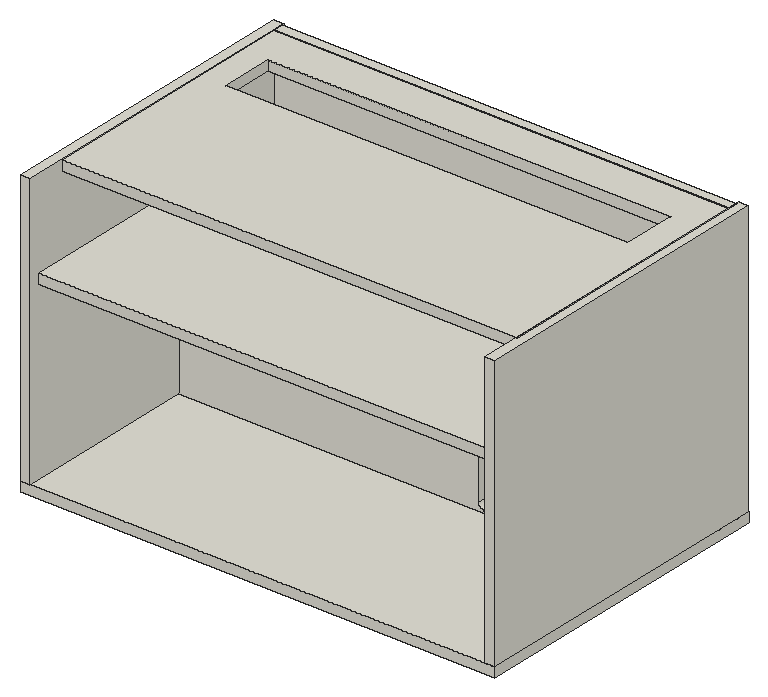
Revit family "Haworth_BeHold_Modular_AttachedStorageForHAT", category Furniture Systems, Revit 2018
Family settings
  Round Connector Dimension = Use Diameter
  Part Type = Normal
  OmniClass Number = 23.40.70.14.64.21
  OmniClass Title = Systems Furniture
  Work Plane-Based = No
  Always vertical = Yes
  Cut with Voids When Loaded = No
  Shared = No
  Room Calculation Point = No
Parameters (values of type "Inset Back - 24d 36w")
  Width = 36"
  Warranty = "http://www.haworth.com/resources/product-info/warranties"
  Void Dimension = 4"  # constant formula
  Void Back Offset = 3 15/16"  # constant formula
  URL - Product = "http://www.haworth.com/na/en/products/active-storage/be-hold.html"
  URL = "www.haworth.com"
  Trim Finish = Haworth _ Paint _ Sky Blue
  Top Thickness = 3/4"  # constant formula
  Top Case Front Control = 3"  # constant formula
  Top Case Back Control = if(Proud Style, 0", 3/16")  # 3/16"
  Sustainability Info = "https://www.haworth.com/company-info/sustainability"
  Standard Widths = "30, 36 in."  # constant formula
  Size = "Verify Final Dim. w/ Haworth"  # constant formula
  Side Case Back Control = if(Proud Style, Case Thickness, 0")  # 0"
  Shelf Finish = Haworth _ Paint _ Sky Blue
  Shelf Control = Actual Depth = 24"  # yes
  Shelf 1 Offset = 13 5/16"  # constant formula
  Shelf = no
  Separator Back Offset = 9 3/16"  # constant formula
  Revision Number = "1"  # constant formula
  Proud Style = not(Inset Style)  # no
  Model = "Haworth Be_Hold"  # constant formula
  Min. Width = 30"  # constant formula
  Min. Height = 22"  # constant formula
  Min. Depth = 16"  # constant formula
  Max. Width = 36"  # constant formula
  Max. Depth = 24"  # constant formula
  Max. Height = 22"  # constant formula
  Manufacturer = "Haworth"  # constant formula
  Inset Style = yes
  Glide Finish = Haworth _ Polymer _ Slate
  Description = "Haworth - Be_Hold - Attached Storage For HAT"  # constant formula
  Depth = 24"
  Cutout Dimension = if(Actual Cutout, 2" + Separator Back Offset, 1/2")  # 11 3/16"
  Cutout = yes
  Custom Size = not(and(or(Depth = 24", Depth = 16"), or(Width = 30", Width = 36")))  # no
  Case Thickness = 3/4"  # constant formula
  Case Finish [instance] = Haworth _ Laminate _ Beige H-34
  Case Edge Finish [instance] = Haworth _ Laminate _ Beige H-34
  Bottom Case Offset = 1/2"  # constant formula
  Bag Liner = no
  Back Case Side Control = if(Proud Style, 0", Case Thickness)  # 3/4"
  Back Case Back Control = if(Proud Style, 0", 3/16")  # 3/16"
  Author = "Haworth (Alias)"  # constant formula
  Assembly Code = "E2020200"
  Actual Width = if(Width > Max. Width, Max. Width, if(Width < Min. Width, Min. Width, Width))  # 36"
  Actual Steel Shelf = and(Shelf, Actual Depth = 16")  # no
  Actual Height = 22"  # constant formula
  Actual Depth = if(Depth > Max. Depth, Max. Depth, if(Depth < Min. Depth, Min. Depth, Depth))  # 24"
  Standard Depths = "16, 24 in."  # constant formula
  Actual Cutout = and(Cutout, Inset Style)  # yes
  Actual Bag Liner = and(Bag Liner, Actual Depth = 16")  # no
Types (4): name | Width | Top Case Back Control | Side Case Back Control | Shelf Control | Shelf | Proud Style | Inset Style | Depth | Cutout Dimension | Cutout | Bag Liner | Back Case Side Control | Back Case Back Control | Actual Width | Actual Steel Shelf | Actual Depth | Actual Cutout | Actual Bag Liner
  Inset Back - 24d 36w | 36" | 3/16" | 0" | yes | no | no | yes | 24" | 11 3/16" | yes | no | 3/4" | 3/16" | 36" | no | 24" | yes | no
  Inset Back - 24d 30w | 30" | 3/16" | 0" | yes | no | no | yes | 24" | 11 3/16" | yes | no | 3/4" | 3/16" | 30" | no | 24" | yes | no
  Proud Back - 16d 36w | 36" | 0" | 3/4" | no | yes | yes | no | 16" | 1/2" | no | yes | 0" | 0" | 36" | yes | 16" | no | yes
  Proud Back - 16d 30w | 30" | 0" | 3/4" | no | yes | yes | no | 16" | 1/2" | no | yes | 0" | 0" | 30" | yes | 16" | no | yes
Reference planes (in)
  plane 1: z = 0
  plane 2 "Center L/R": x = -6.17556
  plane 3 "Center F/B": y = -11.5
  plane 4 "Top": z = 22
  plane 5 "Back": y = 0.5
  plane 6 "Front": y = -23.5
  plane 7 "Right": x = 11.82444
  plane 8 "Left": x = -24.17556
  plane 9 "Case Inside Left": x = -23.42556
  plane 10 "Case Inside Right": x = 11.07444
  plane 11 "Case Inside Back": y = -0.25
  plane 12 "Case Bottom": z = 0.5
  plane 13 "Case Inside Front": y = -22.75
  plane 14 "Inside Case Bottom": z = 1.25
  plane 15 "Inside Case Top": z = 21.25
  plane 16 "Shelf 1 Below": z = 14.5625
  plane 17 "Shelf 1 Top": z = 15.3125
  plane 18 "Door Start": z = 1.41406
  plane 19 "Separator": y = -9.4375
  plane 20 "Separator Inside": y = -8.6875
  plane 21 "Back Opening": y = -3.4375
  plane 22 "Front Opening": y = -7.4375
  plane 23 "Cutout Back": y = 1.5
Forms (in)
  Sweep 1, solid, material "Haworth _ Polymer _ Slate" <- "Glide Finish"
    path origin (-23.42556, 0, 0) x (0, 1, 0) y (0, 0, 1)
      loop
        line (-22.75, 0.5) -> (-22.75, 0)
    profile origin (-23.42556, -22.75, 0.25) x (1, 0, 0) y (0, 1, 0)
      loop
        line (0, 2.00197) -> (0, 0.25)
        arc (0, 0.25) -> (0.07322, 0.07322) -> (0.25, 0) r 0.25
        line (0.25, 0) -> (2.00197, 0)
        arc (2.00197, 0) -> (2.17875, 0.07322) -> (2.25197, 0.25) r 0.25
        line (2.25197, 0.25) -> (2.25197, 0.70079) -> (0.70079, 2.25197) -> (0.25, 2.25197)
        arc (0.25, 2.25197) -> (0.07322, 2.17875) -> (0, 2.00197) r 0.25
  Sweep 2, solid, material "Haworth _ Polymer _ Slate" <- "Glide Finish"
    path origin (-23.42556, -23, 0) x (0, -1, 0) y (0, 0, 1)
      loop
        line (-22.75, 0.5) -> (-22.75, 0)
    profile origin (-23.42556, -0.25, 0.25) x (1, 0, 0) y (0, 1, 0)
      loop
        arc (0, -2.00197) -> (0.07322, -2.17875) -> (0.25, -2.25197) r 0.25
        line (0.25, -2.25197) -> (0.70079, -2.25197) -> (2.25197, -0.70079) -> (2.25197, -0.25)
        arc (2.25197, -0.25) -> (2.17875, -0.07322) -> (2.00197, 0) r 0.25
        line (2.00197, 0) -> (0.25, 0)
        arc (0.25, 0) -> (0.07322, -0.07322) -> (0, -0.25) r 0.25
        line (0, -0.25) -> (0, -2.00197)
  Sweep 3, solid, material "Haworth _ Polymer _ Slate" <- "Glide Finish"
    path origin (11.07444, 0, 0) x (0, -1, 0) y (0, 0, 1)
      loop
        line (22.75, 0.5) -> (22.75, 0)
    profile origin (11.07444, -22.75, 0.25) x (-1, 0, 0) y (0, -1, 0)
      loop
        arc (0, -2.00197) -> (0.07322, -2.17875) -> (0.25, -2.25197) r 0.25
        line (0.25, -2.25197) -> (0.70079, -2.25197) -> (2.25197, -0.70079) -> (2.25197, -0.25)
        arc (2.25197, -0.25) -> (2.17875, -0.07322) -> (2.00197, 0) r 0.25
        line (2.00197, 0) -> (0.25, 0)
        arc (0.25, 0) -> (0.07322, -0.07322) -> (0, -0.25) r 0.25
        line (0, -0.25) -> (0, -2.00197)
  Sweep 4, solid, material "Haworth _ Polymer _ Slate" <- "Glide Finish"
    path origin (11.07444, 0, 0) x (0, -1, 0) y (0, 0, 1)
      loop
        line (0.25, 0.5) -> (0.25, 0)
    profile origin (11.07444, -0.25, 0.25) x (-1, 0, 0) y (0, -1, 0)
      loop
        line (0, 2.00197) -> (0, 0.25)
        arc (0, 0.25) -> (0.07322, 0.07322) -> (0.25, 0) r 0.25
        line (0.25, 0) -> (2.00197, 0)
        arc (2.00197, 0) -> (2.17875, 0.07322) -> (2.25197, 0.25) r 0.25
        line (2.25197, 0.25) -> (2.25197, 0.70079) -> (0.70079, 2.25197) -> (0.25, 2.25197)
        arc (0.25, 2.25197) -> (0.07322, 2.17875) -> (0, 2.00197) r 0.25
  Extrusion 5, solid, material "Haworth _ Laminate _ Beige H-34" <- "Case Finish"
    sketch origin (0, 0, 0) x (1, 0, 0) y (0, 1, 0)
      loop
        line (-24.17556, 0.5) -> (-24.17556, -23.5) -> (11.82444, -23.5) -> (11.82444, 0.5) -> (-24.17556, 0.5)
    from 0.5 to 1.25
  Sweep 6, solid, material "Haworth _ Laminate _ Beige H-34" <- "Case Finish"
    path origin (0, 0, 0.5) x (0, -1, 0) y (1, 0, 0)
      loop
        line (23.5, -24.17556) -> (23.5, -23.42556)
    profile origin (-23.80056, -23.5, 0.5) x (0, 1, 0) y (0, 0, 1)
      loop
        line (0, 21.5) -> (0, 0.75) -> (24, 0.75) -> (24, 21.5) -> (0, 21.5)
  Sweep 7, solid, material "Haworth _ Laminate _ Beige H-34" <- "Case Finish"
    path origin (-12.35111, 0, 0.5) x (0, -1, 0) y (-1, 0, 0)
      loop
        line (23.5, -24.17556) -> (23.5, -23.42556)
    profile origin (11.44944, -23.5, 0.5) x (0, -1, 0) y (0, 0, 1)
      loop
        line (0, 21.5) -> (-24, 21.5) -> (-24, 0.75) -> (0, 0.75) -> (0, 21.5)
  Sweep 8, solid, material "Haworth _ Laminate _ Beige H-34" <- "Case Finish"
    path origin (0, 0, 0.5) x (0, -1, 0) y (1, 0, 0)
      loop
        line (0.4375, -6.17556) -> (-0.3125, -6.17556)
    profile origin (-6.17556, -0.0625, 0.5) x (-1, 0, 0) y (0, 0, 1)
      loop
        line (-17.25, 0.75) -> (17.25, 0.75) -> (17.25, 21.5) -> (-17.25, 21.5) -> (-17.25, 0.75)
  Extrusion 9, solid, material "Haworth _ Laminate _ Beige H-34" <- "Case Finish", visible <- "Shelf Control"
    sketch origin (0, 0, 0.5) x (0, -1, 0) y (1, 0, 0)
      loop
        line (9.4375, -23.42556) -> (22.75, -23.42556) -> (22.75, 11.07444) -> (9.4375, 11.07444) -> (9.4375, -23.42556)
    from 14.0625 to 14.8125
  Extrusion 10, solid, material "Haworth _ Laminate _ Beige H-34" <- "Case Finish"
    sketch origin (0, 0, 0.5) x (0, -1, 0) y (1, 0, 0)
      loop
        line (0.4375, -23.42556) -> (20.5, -23.42556) -> (20.5, 11.07444) -> (0.4375, 11.07444) -> (0.4375, -23.42556)
    from 20.75 to 21.5
  Extrusion 11, solid, material "Haworth _ Laminate _ Beige H-34" <- "Case Finish"
    sketch origin (0, 0.5, 0) x (-1, 0, 0) y (0, 0, 1)
      loop
        line (23.42556, 1.25) -> (23.42556, 20.375) -> (-11.07444, 20.375) -> (-11.07444, 1.25) -> (23.42556, 1.25)
    from -9.9375 to -9.1875
  Extrusion 12, void
    sketch origin (0, 0, 21.25) x (0, -1, 0) y (1, 0, 0)
      loop
        line (3.4375, -21.42556) -> (7.4375, -21.42556) -> (7.4375, 9.07444) -> (3.4375, 9.07444) -> (3.4375, -21.42556)
    from 0 to 0.75
  Extrusion 13, void
    sketch origin (0, 0, 21.25) x (0, -1, 0) y (1, 0, 0)
      loop
        line (3.4375, -23.42556) -> (7.4375, -23.42556) -> (7.4375, 11.07444) -> (3.4375, 11.07444) -> (3.4375, -23.42556)
    from -20.75 to -20
  Extrusion 14, void
    sketch origin (0, 0.5, 0) x (-1, 0, 0) y (0, 0, 1)
      loop
        line (0.17556, 8.16406) -> (-5.82444, 8.16406)
        arc (-5.82444, 8.16406) -> (-6.178, 8.01762) -> (-6.32444, 7.66406) r 0.5
        line (-6.32444, 7.66406) -> (-6.32444, 1.91406)
        arc (-6.32444, 1.91406) -> (-6.178, 1.56051) -> (-5.82444, 1.41406) r 0.5
        line (-5.82444, 1.41406) -> (0.17556, 1.41406)
        arc (0.17556, 1.41406) -> (0.52911, 1.56051) -> (0.67556, 1.91406) r 0.5
        line (0.67556, 1.91406) -> (0.67556, 7.66406)
        arc (0.67556, 7.66406) -> (0.52911, 8.01762) -> (0.17556, 8.16406) r 0.5
    from -10.1875 to 1
Cuts and joins
  Extrusion 12, Extrusion 13 cuts Extrusion 10
  Extrusion 13 cuts Extrusion 5
  Extrusion 14 cuts Sweep 8
  Extrusion 14 cuts Extrusion 11
Lines and regions (in)
  Masking region 1
    outline origin (0, 0, 21.25) x (0, -1, 0) y (1, 0, 0)
      loop
        line (-0.5, -24.17556) -> (23.5, -24.17556) -> (23.5, 11.82444) -> (-0.5, 11.82444) -> (-0.5, -24.17556)
  symbolic lines, style "Haworth", detail levels medium+fine
    curve 1: line (-24.17556, -20.5, 21.25) -> (11.82444, -20.5, 21.25)
    curve 2: line (-21.42556, -3.4375, 21.25) -> (9.07444, -3.4375, 21.25)
    curve 3: line (9.07444, -3.4375, 21.25) -> (9.07444, -7.4375, 21.25)
    curve 4: line (9.07444, -7.4375, 21.25) -> (-21.42556, -7.4375, 21.25)
    curve 5: line (-21.42556, -7.4375, 21.25) -> (-21.42556, -3.4375, 21.25)
Dimensions and locks (in)
  equal spacing: plane 8 "Left", plane 2 "Center L/R", plane 7 "Right"
  "Actual Width": plane 8 "Left" to plane 7 "Right"
  equal spacing: plane 5 "Back", plane 3 "Center F/B", plane 6 "Front"
  "Actual Depth": plane 5 "Back" to plane 6 "Front"
  "Case Thickness": plane 9 "Case Inside Left" to plane 8 "Left"
  "Case Thickness": plane 10 "Case Inside Right" to plane 7 "Right"
  "Bottom Case Offset": plane 12 "Case Bottom" to plane 1
  "Case Thickness": plane 11 "Case Inside Back" to plane 5 "Back"
  "Case Thickness": plane 6 "Front" to plane 13 "Case Inside Front"
  locked: Sweep 1 sketch curve to plane 12 "Case Bottom" at 0.5
  locked: Sweep 2 sketch curve to plane 12 "Case Bottom" at 0.5
  locked: Sweep 4 sketch curve to plane 12 "Case Bottom" at 0.5
  locked: Sweep 3 sketch curve to plane 12 "Case Bottom" at 0.5
  "Case Thickness": plane 14 "Inside Case Bottom" to plane 12 "Case Bottom"
  "Top Thickness": plane 4 "Top" to plane 15 "Inside Case Top"
  "Side Case Back Control": Sweep 6 sketch curve to plane 5 "Back"
  "Side Case Back Control": Sweep 7 sketch curve to plane 5 "Back"
  "Back Case Side Control": Sweep 8 sketch curve to plane 7 "Right"
  "Back Case Side Control": Sweep 8 sketch curve to plane 8 "Left"
  locked: plane 18 "Door Start" to plane 14 "Inside Case Bottom" at 0.16406
  "Top Case Front Control": plane 6 "Front" to curve 1
  "Actual Height": plane 4 "Top" to plane 1
  "Case Thickness": plane 17 "Shelf 1 Top" to plane 16 "Shelf 1 Below"
  "Shelf 1 Offset": plane 14 "Inside Case Bottom" to plane 16 "Shelf 1 Below"
  "Case Thickness": Sweep 8 sketch curve to Sweep 8 sketch curve
  "Back Case Back Control": plane 5 "Back" to Sweep 8 sketch curve
  "Top Case Back Control": Extrusion 10 sketch curve to plane 11 "Case Inside Back"
  "Top Case Front Control": Extrusion 10 sketch curve to plane 6 "Front"
  "Case Thickness": plane 19 "Separator" to plane 20 "Separator Inside"
  "Separator Back Offset": plane 20 "Separator Inside" to plane 5 "Back"
  locked: plane 15 "Inside Case Top" to Extrusion 11 sketch curve at 0.875
  "Void Dimension": plane 22 "Front Opening" to plane 21 "Back Opening"
  "Void Back Offset": plane 21 "Back Opening" to plane 5 "Back"
  locked: Extrusion 12 sketch curve to plane 10 "Case Inside Right" at 2
  locked: plane 9 "Case Inside Left" to Extrusion 12 sketch curve at 2
  locked: plane 9 "Case Inside Left" to curve 5 at 2
  locked: curve 3 to plane 10 "Case Inside Right" at 2
  locked: plane 5 "Back" to plane 23 "Cutout Back" at 1
  locked: Extrusion 14 sketch curve to plane 7 "Right" at 5.5
  locked: Extrusion 14 sketch curve to Extrusion 14 sketch curve at 7
  locked: Extrusion 14 sketch curve to plane 18 "Door Start" at 6.75
  "Cutout Dimension": Extrusion 14 to plane 23 "Cutout Back"
  aligned and locked: Sweep 1 sketch curve to plane 13 "Case Inside Front"
  aligned and locked: plane 12 "Case Bottom" to Sweep 1 sketch curve
  aligned and locked: plane 11 "Case Inside Back" to Sweep 2 sketch curve
  aligned and locked: plane 12 "Case Bottom" to Sweep 2 sketch curve
  aligned and locked: plane 11 "Case Inside Back" to Sweep 4 sketch curve
  aligned and locked: plane 12 "Case Bottom" to Sweep 4 sketch curve
  aligned and locked: Sweep 3 sketch curve to plane 13 "Case Inside Front"
  aligned and locked: plane 12 "Case Bottom" to Sweep 3 sketch curve
  aligned and locked: Extrusion 5 sketch curve to plane 7 "Right"
  aligned and locked: Extrusion 5 sketch curve to plane 5 "Back"
  aligned and locked: plane 8 "Left" to Extrusion 5 sketch curve
  aligned and locked: plane 6 "Front" to Extrusion 5 sketch curve
  aligned and locked: plane 12 "Case Bottom" to Extrusion 5
  aligned and locked: plane 14 "Inside Case Bottom" to Extrusion 5
  aligned and locked: plane 8 "Left" to Sweep 6 sketch curve
  aligned and locked: plane 9 "Case Inside Left" to Sweep 6 sketch curve
  aligned and locked: Sweep 6 sketch curve to plane 6 "Front"
  aligned and locked: Sweep 6 sketch curve to plane 4 "Top"
  aligned and locked: plane 14 "Inside Case Bottom" to Sweep 6 sketch curve
  aligned and locked: plane 6 "Front" to Sweep 7 sketch curve  (x2)
  aligned and locked: plane 7 "Right" to Sweep 7 sketch curve
  aligned and locked: plane 10 "Case Inside Right" to Sweep 7 sketch curve
  aligned and locked: plane 14 "Inside Case Bottom" to Sweep 7 sketch curve
  aligned and locked: Sweep 7 sketch curve to plane 4 "Top"
  aligned and locked: plane 2 "Center L/R" to Sweep 8 sketch curve
  aligned and locked: plane 4 "Top" to Sweep 8 sketch curve
  aligned and locked: Sweep 8 sketch curve to plane 14 "Inside Case Bottom"
  aligned and locked: plane 10 "Case Inside Right" to Extrusion 9 sketch curve
  aligned and locked: plane 9 "Case Inside Left" to Extrusion 9 sketch curve
  aligned and locked: plane 16 "Shelf 1 Below" to Extrusion 9
  aligned and locked: plane 10 "Case Inside Right" to Extrusion 10 sketch curve
  aligned and locked: plane 9 "Case Inside Left" to Extrusion 10 sketch curve
  aligned and locked: plane 4 "Top" to Extrusion 10
  aligned and locked: plane 15 "Inside Case Top" to Extrusion 10
  aligned and locked: Masking region 1 sketch curve to plane 7 "Right"
  aligned and locked: Masking region 1 sketch curve to plane 5 "Back"
  aligned and locked: plane 8 "Left" to Masking region 1 sketch curve
  aligned and locked: plane 6 "Front" to Masking region 1 sketch curve
  aligned and locked: plane 17 "Shelf 1 Top" to Extrusion 9
  aligned and locked: plane 13 "Case Inside Front" to Extrusion 9 sketch curve
  aligned and locked: Extrusion 11 sketch curve to plane 10 "Case Inside Right"
  aligned and locked: Extrusion 11 sketch curve to plane 9 "Case Inside Left"
  aligned and locked: Extrusion 11 sketch curve to plane 14 "Inside Case Bottom"
  aligned and locked: plane 20 "Separator Inside" to Extrusion 11
  aligned and locked: Extrusion 11 to plane 19 "Separator"
  aligned and locked: Extrusion 9 sketch curve to plane 19 "Separator"
  aligned and locked: plane 21 "Back Opening" to Extrusion 12 sketch curve
  aligned and locked: Extrusion 12 sketch curve to plane 22 "Front Opening"
  aligned and locked: plane 21 "Back Opening" to Extrusion 13 sketch curve
  aligned and locked: Extrusion 13 sketch curve to plane 22 "Front Opening"
  aligned and locked: plane 9 "Case Inside Left" to Extrusion 13 sketch curve
  aligned and locked: plane 10 "Case Inside Right" to Extrusion 13 sketch curve
  aligned and locked: plane 12 "Case Bottom" to Extrusion 13
  aligned and locked: plane 14 "Inside Case Bottom" to Extrusion 13
  aligned and locked: plane 15 "Inside Case Top" to Extrusion 12
  aligned and locked: plane 4 "Top" to Extrusion 12
  aligned and locked: plane 6 "Front" to Sweep 6 sketch curve
  aligned and locked: plane 21 "Back Opening" to curve 2
  aligned and locked: curve 4 to plane 22 "Front Opening"
  aligned and locked: plane 18 "Door Start" to Extrusion 14 sketch curve
  aligned and locked: plane 23 "Cutout Back" to Extrusion 14
  aligned and locked: plane 2 "Center L/R" to nested 1
  aligned and locked: plane 19 "Separator" to nested 1
  aligned and locked: plane 17 "Shelf 1 Top" to nested 1
  aligned and locked: nested 2 to plane 14 "Inside Case Bottom"
  aligned and locked: nested 2 to plane 2 "Center L/R"
  aligned and locked: plane 6 "Front" to nested 2
Automatic sketch dimensions
  Sweep 1 sketch curve to plane 9 "Case Inside Left" = 0"
  profile plane to Sweep 1 sketch curve = 0"
  Sweep 1 sketch curve to Sweep 1 sketch curve = 1/4"  (x2)
  Sweep 1 sketch curve to Sweep 1 sketch curve = 0.45079"  (x2)
  Sweep 1 sketch curve to profile plane = 1/4"
  Sweep 1 sketch curve to Sweep 1 sketch curve = 1.75197"  (x2)
  Sweep 2 sketch curve to plane 9 "Case Inside Left" = 0"
  profile plane to Sweep 2 sketch curve = 0"
  Sweep 2 sketch curve to Sweep 2 sketch curve = 1/4"  (x2)
  Sweep 2 sketch curve to Sweep 2 sketch curve = 0.45079"  (x2)
  profile plane to Sweep 2 sketch curve = 1/4"
  Sweep 2 sketch curve to Sweep 2 sketch curve = 1.75197"  (x2)
  Sweep 3 sketch curve to plane 10 "Case Inside Right" = 0"
  Sweep 3 sketch curve to profile plane = 0"
  Sweep 3 sketch curve to Sweep 3 sketch curve = 1/4"  (x2)
  Sweep 3 sketch curve to Sweep 3 sketch curve = 0.45079"  (x2)
  profile plane to Sweep 3 sketch curve = 1/4"
  Sweep 3 sketch curve to Sweep 3 sketch curve = 1.75197"  (x2)
  Sweep 4 sketch curve to plane 10 "Case Inside Right" = 0"
  Sweep 4 sketch curve to profile plane = 0"
  plane 10 "Case Inside Right" to Sweep 4 sketch curve = 1/4"  (x2)
  Sweep 4 sketch curve to Sweep 4 sketch curve = 0.45079"  (x2)
  Sweep 4 sketch curve to profile plane = 1/4"
  Sweep 4 sketch curve to Sweep 4 sketch curve = 1.75197"  (x2)
  curve 1 to plane 8 "Left" = 0"
  curve 1 to plane 7 "Right" = 0"
  Extrusion 14 sketch curve to Extrusion 14 sketch curve = 1/2"  (x2)
  plane 18 "Door Start" to Extrusion 14 sketch curve = 1/2"  (x2)
Nested families (in)
  nested 1: "Haworth_BeHold_Accessory_HAT-Shelf_BUILD Luqman" at (0, 11.0625, 15.3125), visible <- "Actual Steel Shelf", type "Shelf"
    with Width 36", Actual Width 36"
  nested 2: "Haworth_BeHold_Accessory_BagLiner_BUILD Luqman" at (0, -44, 1.25), visible <- "Actual Bag Liner", type "Bag Liner"
Definition of nested family "Haworth_BeHold_Accessory_HAT-Shelf_BUILD Luqman"
  Parameters (values of type "30w")
    Width = 30"
    Warranty = "http://www.haworth.com/resources/product-info/warranties"
    URL - Product = ""
    URL = "www.haworth.com"
    Trim Finish = none
    Sustainability Info = "https://www.haworth.com/company-info/sustainability"
    Size = "Verify Final Dim. w/ Haworth"  # constant formula
    Shelf Offset = 51/64"  # constant formula
    Revision Number = "1"  # constant formula
    Model = "Haworth Be_Hold"  # constant formula
    Min. Width = 30"  # constant formula
    Min. Depth = 6"  # constant formula
    Max. Width = 36"  # constant formula
    Max. Depth = 6"  # constant formula
    Manufacturer = "Haworth"  # constant formula
    Description = "Haworth - Be_Hold - Accessory - HAT Shelf"  # constant formula
    Custom Size = not(or(Width = 30", Width = 36"))  # no
    Author = "Haworth (Alias)"  # constant formula
    Assembly Code = "E2020200"
    Actual Width = if(Width < Min. Width, Min. Width, if(Width > Max. Width, Max. Width, Width))  # 30"
    Actual Height = 1/2"  # constant formula
    Standard Widths = "30, 36 in."  # constant formula
    Actual Depth = 6"  # constant formula
  Types (2): name | Width | Actual Width
    30w | 30" | 30"
    36w | 36" | 36"
  Reference planes (in)
    plane 1: z = 0
    plane 2 "Center L/R": x = -6.17556
    plane 3 "Center F/B": y = -23.5
    plane 4 "Back": y = -20.5
    plane 5 "Front": y = -26.5
    plane 6 "Right": x = 8.82444
    plane 7 "Left": x = -21.17556
    plane 8 "Top": z = 0.5
    plane 9: x = -20.37868
    plane 10: x = 8.02757
  Forms (in)
    Sweep 1, solid, material <- "Trim Finish"
      path origin (0, 0, 0) x (1, 0, 0) y (0, 1, 0)
        loop
          line (8.02757, -23.5) -> (-20.37868, -23.5)
      profile origin (-6.17556, -23.5, 0) x (0, -1, 0) y (0, 0, 1)
        loop
          arc (-2.90186, 0.06) -> (-2.92885, 0.07118) -> (-2.94003, 0.09817) r 0.03817
          line (-2.94003, 0.09817) -> (-2.94003, 0.5) -> (-3, 0.5) -> (-3, 0.09867)
          arc (-3, 0.09867) -> (-2.9711, 0.0289) -> (-2.90133, 0) r 0.09867
          line (-2.90133, 0) -> (1.73903, 0)
          arc (1.73903, 0) -> (1.76251, 0.00362) -> (1.78383, 0.01413) r 0.07809
          line (1.78383, 0.01413) -> (2.24994, 0.34062) -> (2.21552, 0.38977) -> (1.75804, 0.06933)
          arc (1.75804, 0.06933) -> (1.74397, 0.06239) -> (1.72846, 0.06) r 0.05157
          line (1.72846, 0.06) -> (-2.90186, 0.06)
  Lines and regions (in)
    Masking region 1
      outline origin (0, 0, 0) x (1, 0, 0) y (0, 1, 0)
        loop
          line (-20.37868, -20.5) -> (-20.37868, -25.67407) -> (8.02757, -25.67407) -> (8.02757, -20.5) -> (-20.37868, -20.5)
  Dimensions and locks (in)
    equal spacing: plane 7 "Left", plane 2 "Center L/R", plane 6 "Right"
    "Actual Width": plane 7 "Left" to plane 6 "Right"
    equal spacing: plane 4 "Back", plane 3 "Center F/B", plane 5 "Front"
    "Actual Depth": plane 4 "Back" to plane 5 "Front"
    locked: Sweep 1 sketch curve to plane 4 "Back" at 0.05997
    locked: Masking region 1 sketch curve to plane 5 "Front" at 0.82593
    "Actual Height": plane 8 "Top" to plane 1
    locked: plane 5 "Front" to Sweep 1 sketch curve at 0.78448
    locked: plane 5 "Front" to Sweep 1 sketch curve at 0.75006
    locked: plane 8 "Top" to Sweep 1 sketch curve at 0.11023
    locked: plane 8 "Top" to Sweep 1 sketch curve at 0.15938
    "Shelf Offset": plane 9 to plane 7 "Left"
    "Shelf Offset": plane 10 to plane 6 "Right"
    aligned and locked: Sweep 1 sketch curve to plane 3 "Center F/B"
    aligned and locked: Sweep 1 sketch curve to plane 1
    aligned and locked: plane 4 "Back" to Sweep 1 sketch curve
    aligned and locked: Masking region 1 sketch curve to plane 4 "Back"
    aligned and locked: plane 9 to Masking region 1 sketch curve
    aligned and locked: plane 10 to Masking region 1 sketch curve
    aligned and locked: plane 9 to Sweep 1 sketch curve
    aligned and locked: plane 10 to Sweep 1 sketch curve
  Automatic sketch dimensions
    Sweep 1 sketch curve to Sweep 1 sketch curve = 0.0387"
    Sweep 1 sketch curve to Sweep 1 sketch curve = 0.00053"
    Sweep 1 sketch curve to Sweep 1 sketch curve = 0.01057"
    level to Sweep 1 sketch curve = 0.06933"
    Sweep 1 sketch curve to Sweep 1 sketch curve = 0.01902"
    level to Sweep 1 sketch curve = 0.01413"
    Sweep 1 sketch curve to Sweep 1 sketch curve = 0.0448"
    Sweep 1 sketch curve to Sweep 1 sketch curve = 0.45748"
    Sweep 1 sketch curve to Sweep 1 sketch curve = 0.40183"
    Sweep 1 sketch curve to Sweep 1 sketch curve = 0.01809"
Definition of nested family "Haworth_BeHold_Accessory_BagLiner_BUILD Luqman"
  Parameters (values of type "36w")
    Width = 36"
    Warranty = "http://www.haworth.com/resources/product-info/warranties"
    URL - Product = ""
    URL = "www.haworth.com"
    Trim Finish = none
    Sustainability Info = "https://www.haworth.com/company-info/sustainability"
    Size = "Verify Final Dim. w/ Haworth"  # constant formula
    Side Offset = 13/16"  # constant formula
    Revision Number = "1"  # constant formula
    Model = "Haworth Be_Hold"  # constant formula
    Min. Width = 30"  # constant formula
    Min. Depth = 6"  # constant formula
    Max. Width = 36"  # constant formula
    Max. Depth = 6"  # constant formula
    Manufacturer = "Haworth"  # constant formula
    Description = "Haworth - Be_Hold - Accessory - Bag Liner"  # constant formula
    Custom Size = not(or(Width = 30", Width = 32", Width = 36"))  # no
    Author = "Haworth (Alias)"  # constant formula
    Assembly Code = "E2020200"
    Actual Width = if(Width < Min. Width, Min. Width, if(Width > Max. Width, Max. Width, Width))  # 36"
    Actual Height = 4"  # constant formula
    Standard Widths = "30, 32, 36 in."  # constant formula
    Actual Depth = 6"  # constant formula
  Types (3): name | Width | Actual Width
    30w | 30" | 30"
    36w | 36" | 36"
    32w | 32" | 32"
  Reference planes (in)
    plane 1: z = 0
    plane 2 "Center L/R": x = -6.17556
    plane 3 "Center F/B": y = -23.5
    plane 4 "Back": y = -20.5
    plane 5 "Front": y = -26.5
    plane 6 "Right": x = 11.82444
    plane 7 "Left": x = -24.17556
    plane 8 "Top": z = 4
    plane 9: x = -23.36306
    plane 10: x = 11.01194
  Forms (in)
    Sweep 1, solid, material <- "Trim Finish"
      path origin (0, 0, 0) x (1, 0, 0) y (0, 1, 0)
        loop
          line (11.01194, -23.5) -> (-23.36306, -23.5)
      profile origin (-6.17556, -23.5, 0) x (0, -1, 0) y (0, 0, 1)
        loop
          arc (-2.90186, 0.06) -> (-2.92885, 0.07118) -> (-2.94003, 0.09817) r 0.03817
          line (-2.94003, 0.09817) -> (-2.94003, 4) -> (-3, 4) -> (-3, 0.09867)
          arc (-3, 0.09867) -> (-2.9711, 0.0289) -> (-2.90133, 0) r 0.09867
          line (-2.90133, 0) -> (2.93802, 0) -> (2.93802, 0.06) -> (-2.90186, 0.06)
  Lines and regions (in)
    Masking region 1
      outline origin (0, 0, 0) x (1, 0, 0) y (0, 1, 0)
        loop
          line (-23.36306, -20.5) -> (-23.36306, -26.43802) -> (11.01194, -26.43802) -> (11.01194, -20.5) -> (-23.36306, -20.5)
  Dimensions and locks (in)
    equal spacing: plane 7 "Left", plane 2 "Center L/R", plane 6 "Right"
    "Actual Width": plane 7 "Left" to plane 6 "Right"
    equal spacing: plane 4 "Back", plane 3 "Center F/B", plane 5 "Front"
    "Actual Depth": plane 4 "Back" to plane 5 "Front"
    locked: Sweep 1 sketch curve to plane 4 "Back" at 0.05997
    locked: Masking region 1 sketch curve to plane 5 "Front" at 0.06198
    "Actual Height": plane 8 "Top" to plane 1
    locked: plane 5 "Front" to Sweep 1 sketch curve at 0.06198
    "Side Offset": plane 9 to plane 7 "Left"
    "Side Offset": plane 10 to plane 6 "Right"
    aligned and locked: Sweep 1 sketch curve to plane 3 "Center F/B"
    aligned and locked: Sweep 1 sketch curve to plane 1
    aligned and locked: plane 4 "Back" to Sweep 1 sketch curve
    aligned and locked: Masking region 1 sketch curve to plane 4 "Back"
    aligned and locked: plane 8 "Top" to Sweep 1 sketch curve
    aligned and locked: plane 9 to Masking region 1 sketch curve
    aligned and locked: plane 10 to Masking region 1 sketch curve
    aligned and locked: plane 10 to Sweep 1 sketch curve
    aligned and locked: plane 9 to Sweep 1 sketch curve
  Automatic sketch dimensions
    Sweep 1 sketch curve to Sweep 1 sketch curve = 0.03817"
    Sweep 1 sketch curve to Sweep 1 sketch curve = 0.00053"
    Sweep 1 sketch curve to Sweep 1 sketch curve = 0.03867"
